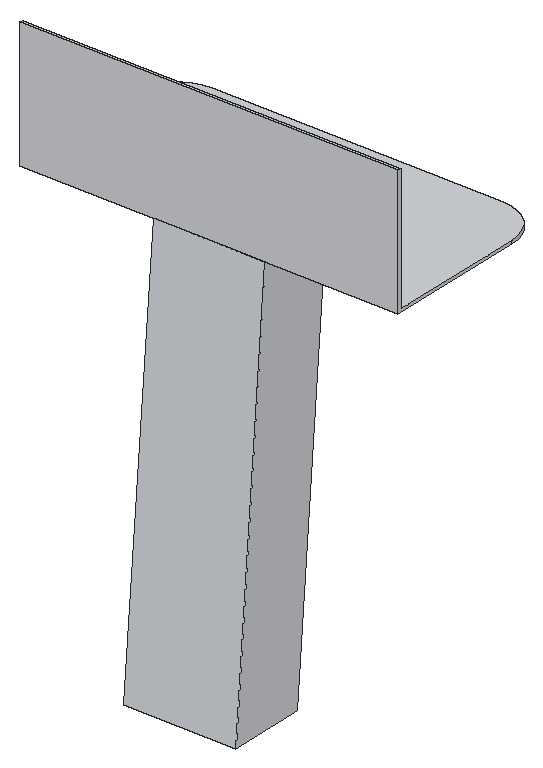
Revit family "Viking Roofspec Scupper 01 M15", category Pipe Fittings, host Face, Revit 2021
Family settings
  Host = Face
  Round Connector Dimension = Use Diameter
  Part Type = Cap
  Cut with Voids When Loaded = Yes
  Shared = No
Parameters (values of type "Scuppers - 100mm x 65mm C")
  URL = "www.vikingroofspec.co.nz"
  Type Comments = "Viking Roofspec 100x65mm TPO scupper STP601, installed as per manufacturers instructions."
  Model = "STP601"
  Material = Viking Roofspec - Rubber/PVC White
  Manufacturer = "Viking Roofspec"  # constant formula
  Leg Cut Offset = 0 mm
  Leg Length Specified [instance] = 389 mm
  Leg Cut Width = 100 mm
  Leg Cut Height = 65 mm
  Flange Cut Width = 5 mm
  Flange Cut Length = 5 mm
  Default Elevation = 0 mm
  Component = STP601 : STP601
Reference planes
  plane 1 "Center (Front/Back)": y = 0
  plane 2: z = 0
  plane 3 "Center (Left/Right)": x = 0
  plane 4 "Pipe Connector": z = -116.857
  plane 5: x = -50
  plane 6: x = 50
  plane 7: y = -1.6
  plane 8: y = 63.4
  plane 9: y = -1.6
Forms (mm)
  Extrusion 1, void
    sketch origin (0, 0, 0) x (0, 1, 0) y (0, 0, 1)
      loop
        line (63.4, 0) -> (-1.6, 0) -> (-35.633, -389) -> (29.367, -389) -> (63.4, 0)
    from -50 to 50
  Extrusion 2, void
    sketch origin (0, 0, 0) x (1, 0, 0) y (0, 0, 1)
      loop
        line (-2.5, 5) -> (-2.5, 0) -> (2.5, 0) -> (2.5, 5) -> (-2.5, 5)
    from 0 to 1.6
Lines and regions (mm)
  reference lines
    curve 1: line (0, 63.4, -389) -> (0, -1.6, -389)
Dimensions and locks
  locked: host face to plane 4 "Pipe Connector" at 116.857
  "Leg Length Specified": plane 2 to curve 1
  equal spacing: plane 5, plane 3 "Center (Left/Right)", plane 6
  "Leg Cut Width": plane 5 to plane 6
  "Leg Cut Offset": plane 9 to plane 7
  "Leg Cut Height": plane 7 to plane 8
  locked: plane 9 to plane 1 "Center (Front/Back)" at 1.6
  equal spacing: Extrusion 2 sketch curve, plane 3 "Center (Left/Right)", Extrusion 2 sketch curve
  "Flange Cut Width": Extrusion 2 sketch curve to Extrusion 2 sketch curve
  "Flange Cut Length": Extrusion 2 sketch curve to host face
  locked: Extrusion 1 sketch curve to level (angle 95.00°)  (x2)
  aligned and locked: plane 2 to host face
  aligned and locked: level to host face
  aligned and locked: level to Extrusion 1 sketch curve
  aligned and locked: plane 7 to Extrusion 1 sketch curve
  aligned and locked: plane 8 to Extrusion 1 sketch curve
  aligned and locked: Extrusion 1 sketch curve to level
  aligned and locked: curve 1 to Extrusion 1 sketch curve
  aligned and locked: plane 8 to curve 1
  aligned and locked: plane 7 to curve 1
  aligned and locked: Extrusion 2 to level
  aligned and locked: plane 6 to Extrusion 1
  aligned and locked: Extrusion 1 to plane 5
Automatic sketch dimensions
  host sketch curve to host sketch curve = 2438.4 mm  (x2)
  Extrusion 2 sketch curve to level = 0 mm
Nested families
  nested 1: "STP601" at (0, -0.006, 0), Leg Length Specified <- "Leg Length Specified", Material <- "Material", type <- "Component", type "STP601"
    with Real Leg Length 389 mm, Material Viking Roofspec - Rubber/PVC White, Leg Length Specified 389 mm
Definition of nested family "STP601"
  Parameters (values of type "STP601")
    Real Leg Length [instance] = if(Leg Length Specified < 100 mm, 100 mm, if(Leg Length Specified > 495 mm, 495 mm, Leg Length Specified))  # 495 mm
    Material [instance] = none
    Manufacturer = "Viking Roofspec"  # constant formula
    Leg Length Specified [instance] = 495 mm
    Default Elevation = 1219.2 mm
  Reference planes
    plane 1 "Center (Front/Back)": y = 0
    plane 2: z = 0
    plane 3 "Center (Left/Right)": x = 0
    plane 4: z = -495
  Forms (mm)
    Extrusion 1, solid, material <- "Material"
      sketch origin (0, 0.006, -0.006) x (0, 0, -1) y (0, 1, 0)
        loop
          line (-119.006, -3) -> (0, -3) -> (0, 168.4) -> (-3, 168.4) -> (-3, 0) -> (-119.006, 0) -> (-119.006, -3)
      from -175 to 175
    Extrusion 2, solid, material <- "Material"
      sketch origin (0, 0.006, -0.006) x (0, 0, -1) y (0, 1, 0)
        loop
          line (0, 67.971) -> (0, -3.011) -> (494.994, -46.318) -> (494.994, 24.665) -> (0, 67.971)
      from -51.6 to 51.6
    Extrusion 3, void
      sketch origin (0, 0.006, -0.006) x (0, 0, -1) y (0, 1, 0)
        loop
          line (494.994, -43.306) -> (494.994, 21.654) -> (-0.133, 64.972) -> (-9.861, 64.972) -> (-9.861, -0.012) -> (0.147, -0.012) -> (494.994, -43.306)
      from -50 to 50
    Extrusion 4, void
      sketch origin (-19.513, -137.674, 0) x (1, 0, 0) y (0, 1, 0)
        loop
          line (194.513, 266.08) -> (219.513, 266.08) -> (219.513, 341.08) -> (154.513, 341.08) -> (154.513, 306.08)
          arc (154.513, 306.08) -> (182.797, 294.364) -> (194.513, 266.08) r 40
        loop
          arc (-155.487, 266.08) -> (-143.771, 294.364) -> (-115.487, 306.08) r 40
          line (-115.487, 306.08) -> (-115.487, 341.08) -> (-180.487, 341.08) -> (-180.487, 266.08) -> (-155.487, 266.08)
      from -10 to 10
  Cuts and joins
    Extrusion 3, Extrusion 4 cuts Extrusion 1
    Extrusion 3 cuts Extrusion 2
  Dimensions and locks
    "Real Leg Length": level to plane 4
    plane 1 "Center (Front/Back)" to Extrusion 2 sketch curve = 67.978 mm
    locked: plane 1 "Center (Front/Back)" to Extrusion 3 sketch curve at 64.978
    locked: Extrusion 2 sketch curve to level (angle 95.00°)
    locked: level to Extrusion 2 sketch curve (angle 85.00°)
    locked: Extrusion 3 sketch curve to level (angle 95.00°)
    locked: level to Extrusion 3 sketch curve (angle 85.00°)
    aligned and locked: level to plane 2
    aligned and locked: Extrusion 2 to plane 4
  Automatic sketch dimensions
    plane 1 "Center (Front/Back)" to Extrusion 1 sketch curve = 2.994 mm
    level to Extrusion 1 sketch curve = 2.994 mm
    Extrusion 1 sketch curve to level = 0.006 mm
    Extrusion 1 sketch curve to Extrusion 1 sketch curve = 3 mm
    Extrusion 3 sketch curve to level = 0.153 mm
    level to Extrusion 3 sketch curve = 0.127 mm
    level to Extrusion 3 sketch curve = 9.854 mm
    plane 1 "Center (Front/Back)" to Extrusion 3 sketch curve = 0.006 mm
    Extrusion 2 sketch curve to plane 4 = 0 mm
    Extrusion 2 sketch curve to level = 0.006 mm
    plane 1 "Center (Front/Back)" to Extrusion 2 sketch curve = 3.005 mm
    Extrusion 1 sketch curve to Extrusion 1 sketch curve = 116.006 mm
    Extrusion 1 sketch curve to plane 1 "Center (Front/Back)" = 168.406 mm
    plane 4 to Extrusion 3 sketch curve = 0 mm
    Extrusion 4 sketch curve to plane 3 "Center (Left/Right)" = 200 mm
    Extrusion 4 sketch curve to Extrusion 4 sketch curve = 25 mm
    Extrusion 4 sketch curve to Extrusion 4 sketch curve = 65 mm  (x2)
    plane 3 "Center (Left/Right)" to Extrusion 4 sketch curve = 135 mm
    Extrusion 4 sketch curve to Extrusion 4 sketch curve = 40 mm
    Extrusion 4 sketch curve to plane 1 "Center (Front/Back)" = 128.406 mm  (x2)
    Extrusion 4 sketch curve to Extrusion 4 sketch curve = 35 mm  (x2)
